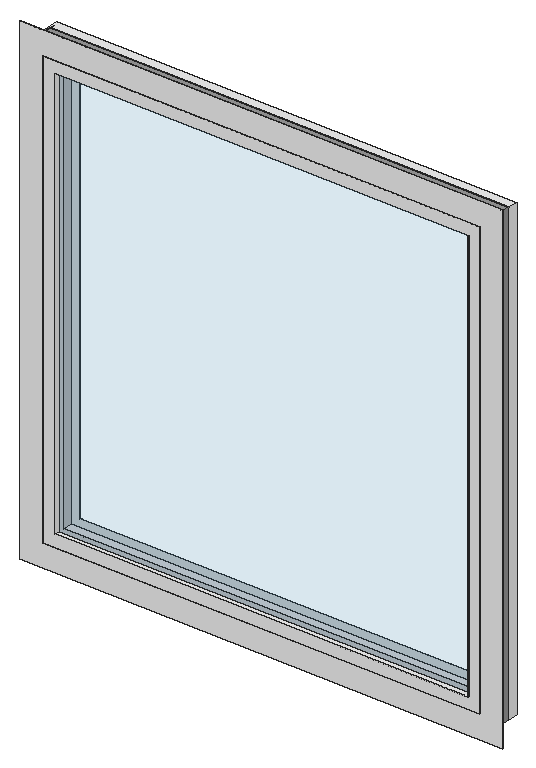
Revit family "Edge_TB42_D_Top_Hung_Standard", category Windows, host Wall, Revit 2014
Parameters (values of type "Casement_Sash_DG")
  Width Sash [instance] = 30 mm
  Width Sash Inner = 15 mm
  Width Bead = 15 mm
  Top Hung [instance] = yes
  Thermal Break Material = Rubber, Black
  Thermal Break Length = 16 mm
  Side Hung Right [instance] = yes
  Side Hung Left [instance] = yes
  Sash Opening Width [instance] = 600 mm
  Sash Opening Height [instance] = 600 mm
  Sash Lip = 15 mm
  Sash Leg [instance] = (Depth Sash - Thermal Break Length) / 2  # 13 mm
  SG Bead Leg = 6.683 mm
  Glazing Material [instance] = Glass
  Glazing Offset = 5 mm
  DG Start Piece 2 [instance] = DG End Piece 1 + DG Gasket Thickness  # 24.158 mm
  DG Start Peice 1 [instance] = ((Depth Sash - (2 * DG Glazing Thickness) - DG Gasket Thickness) / 2) - (SG Bead Leg - Aluminium Thickness) / 2  # 5.758 mm
  DG Glazing Thickness [instance] = 6.4 mm
  DG Gasket Thickness = 12 mm  # constant formula
  DG Gasket Material [instance] = none
  Depth Sash [instance] = 42 mm
  DG End Piece 2 [instance] = DG Start Piece 2 + DG Glazing Thickness  # 30.558 mm
  DG End Piece 1 [instance] = DG Start Peice 1 + DG Glazing Thickness  # 12.158 mm
  Center Vertical Sash [instance] = Sash Opening Height / 2  # 300 mm
  Center Horizontal Sash [instance] = Sash Opening Width / 2  # 300 mm
  Bottom Hung [instance] = yes
  Bead Offset = 15 mm
  Aluminium Thickness = 1 mm
  Aluminium Material [instance] = White Powder Coated Aluminium
Reference planes
  plane 1 "Center (Front/Back)": y = 0
  plane 2: z = 0
  plane 3 "Center (Left/Right)": x = 0
Forms (mm)
  Sweep 1, solid, material "White Powder Coated Aluminium" <- "Aluminium Material"
    path origin (16.177, 0, 121.331) x (1, 0, 0) y (0, 0, 1)
      loop
        line (0, 0) -> (600, 0) -> (600, 600) -> (0, 600) -> (0, 0)
    profile origin (316.177, 0, 121.331) x (0, 0, 1) y (0, -1, 0)
      loop
        line (0, 0) -> (30, 0) -> (30, 1) -> (15, 1) -> (15, 13) -> (14, 13) -> (14, 1) -> (1, 1) -> (1, 13) -> (0, 13) -> (0, 0)
      loop
        line (15, 42) -> (-15, 42) -> (-15, 41) -> (0, 41) -> (0, 29) -> (1, 29) -> (1, 41) -> (14, 41) -> (14, 29) -> (15, 29) -> (15, 42)
  Sweep 2, solid, material "White Powder Coated Aluminium" <- "Aluminium Material"
    path origin (0, 0, 0) x (1, 0, 0) y (0, 0, 1)
      loop
        line (31.177, 706.331) -> (31.177, 136.331) -> (601.177, 136.331) -> (601.177, 706.331) -> (31.177, 706.331)
    profile origin (316.177, 0, 706.331) x (0, 0, 1) y (0, -1, 0)
      loop
        line (0, 41) -> (0, 42) -> (-15, 42) -> (-15, 35.317) -> (-14, 35.317) -> (-14, 41) -> (0, 41)
  Extrusion 3, solid, material "Glass" <- "Glazing Material"
    sketch origin (0, 0, 0) x (1, 0, 0) y (0, 0, 1)
      loop
        line (36.177, 701.331) -> (36.177, 141.331) -> (596.177, 141.331) -> (596.177, 701.331) -> (36.177, 701.331)
    from 5.758 <- "DG Start Peice 1" to 12.158 <- "DG End Piece 1"
  Extrusion 4, solid, material "Glass" <- "Glazing Material"
    sketch origin (0, 0, 0) x (1, 0, 0) y (0, 0, 1)
      loop
        line (36.177, 701.331) -> (36.177, 141.331) -> (596.177, 141.331) -> (596.177, 701.331) -> (36.177, 701.331)
    from 30.558 <- "DG End Piece 2" to 24.158 <- "DG Start Piece 2"
  Sweep 5, solid, material <- "DG Gasket Material"
    path origin (0, -12.158, 0) x (1, 0, 0) y (0, 0, 1)
      loop
        line (36.177, 701.331) -> (36.177, 141.331) -> (596.177, 141.331) -> (596.177, 701.331) -> (36.177, 701.331)
    profile origin (316.177, -12.158, 701.331) x (0, 0, 1) y (0, -1, 0)
      loop
        line (0, 0) -> (0, 12) -> (-7.96, 12) -> (-7.96, 0) -> (0, 0)
  Sweep 6, solid, material "Rubber, Black" <- "Thermal Break Material"
    path origin (16.177, -13, 121.331) x (1, 0, 0) y (0, 0, 1)
      loop
        line (-15, 615) -> (-15, -15) -> (615, -15) -> (615, 615) -> (-15, 615)
    profile origin (316.177, -13, 736.331) x (0, 0, 1) y (0, -1, 0)
      loop
        line (-15, 16) -> (-16, 16) -> (-16, 0) -> (-15, 0) -> (-15, 16)
      loop
        line (-29, 16) -> (-30, 16) -> (-30, 0) -> (-29, 0) -> (-29, 16)
Lines and regions (mm)
  model lines
    curve 1: line (1.177, -42, 736.331) -> (31.177, -42, 706.331)
    curve 2: line (601.177, -42, 706.331) -> (631.177, -42, 736.331)
    curve 3: line (601.177, -42, 136.331) -> (631.177, -42, 106.331)
    curve 4: line (1.177, -42, 106.331) -> (31.177, -42, 136.331)
    curve 5: line (631.177, -41, 736.331) -> (616.177, -41, 721.331)
    curve 6: line (1.177, -41, 736.331) -> (16.177, -41, 721.331)
    curve 7: line (1.177, -41, 106.331) -> (16.177, -41, 121.331)
    curve 8: line (631.177, -41, 106.331) -> (616.177, -41, 121.331)
    curve 9: line (616.177, 0, 121.331) -> (586.177, 0, 151.331)
    curve 10: line (46.177, 0, 151.331) -> (16.177, 0, 121.331)
    curve 11: line (616.177, 0, 721.331) -> (586.177, 0, 691.331)
    curve 12: line (46.177, 0, 691.331) -> (16.177, 0, 721.331)
    curve 13: line (31.177, -42, 691.331) -> (46.177, -42, 691.331)
    curve 14: line (586.177, -42, 691.331) -> (601.177, -42, 691.331)
    curve 15: line (586.177, -42, 151.331) -> (601.177, -42, 151.331)
    curve 16: line (31.177, -42, 151.331) -> (46.177, -42, 151.331)
  model lines, style "GenericModelHiddenLines", visible <- "Top Hung"
    curve 17: line (46.386, -30.558, 690.602) -> (316.177, -30.558, 151.331)
    curve 18: line (316.177, -30.558, 151.331) -> (586.177, -30.558, 691.018)
  model lines, style "GenericModelHiddenLines", visible <- "Bottom Hung"
    curve 19: line (46.177, -30.558, 151.331) -> (316.177, -30.558, 691.018)
    curve 20: line (316.177, -30.558, 691.018) -> (586.177, -30.558, 151.331)
  model lines, style "GenericModelHiddenLines", visible <- "Side Hung Left"
    curve 21: line (46.386, -30.558, 690.602) -> (585.24, -30.558, 421.331)
    curve 22: line (585.24, -30.558, 421.331) -> (46.177, -30.558, 151.331)
  model lines, style "GenericModelHiddenLines", visible <- "Side Hung Right"
    curve 23: line (586.177, -30.558, 691.018) -> (46.177, -30.558, 421.331)
    curve 24: line (46.177, -30.558, 421.331) -> (586.177, -30.558, 151.331)
Dimensions and locks
  "Aluminium Thickness": Sweep 1 sketch curve to Sweep 1 sketch curve  (x6)
  "Depth Sash": Sweep 1 sketch curve to Sweep 1 sketch curve
  "Sash Opening Width": Sweep 1 to Sweep 1
  "Sash Opening Height": Sweep 1 to Sweep 1
  "Width Sash": Sweep 1 sketch curve to Sweep 1 sketch curve  (x2)
  "Width Sash Inner": Sweep 1 sketch curve to Sweep 1 sketch curve
  "Sash Lip": Sweep 1 sketch curve to Sweep 1 sketch curve
  "Glazing Offset": Sweep 2 to Extrusion 3 sketch curve  (x3)
  "Glazing Offset": Extrusion 3 sketch curve to Sweep 2
  Sweep 1 to Sweep 1 = 1 mm
  "Width Bead": Sweep 2 sketch curve to Sweep 2 sketch curve
  locked: Sweep 5 sketch curve to Sweep 5 sketch curve at 7.96
  "Center Horizontal Sash": Sweep 1 to curve 18
  "Center Horizontal Sash": Sweep 1 to curve 20
  "Center Vertical Sash": Sweep 1 to curve 22
  "Center Vertical Sash": Sweep 1 to curve 24
  "Sash Leg": Sweep 1 sketch curve to Sweep 1 sketch curve
  "Aluminium Thickness": Sweep 2 sketch curve to Sweep 2 sketch curve  (x2)
  "SG Bead Leg": Sweep 2 sketch curve to Sweep 2 sketch curve
  aligned and locked: level to plane 2
  aligned and locked: Sweep 1 sketch curve to Sweep 1 sketch curve  (x3)
  aligned and locked: Sweep 2 sketch curve to Sweep 1  (x4)
  aligned and locked: Sweep 1 to Sweep 2 sketch curve  (x2)
  aligned and locked: Extrusion 4 sketch curve to Extrusion 3  (x4)
  aligned and locked: Sweep 5 sketch curve to Extrusion 3  (x5)
  aligned and locked: Extrusion 3 to Sweep 5 sketch curve
  aligned and locked: Sweep 6 sketch curve to Sweep 1  (x10)
  aligned and locked: Sweep 1 to Sweep 6 sketch curve  (x2)
Automatic sketch dimensions
  plane 3 "Center (Left/Right)" to Sweep 1 sketch curve = 16.177 mm
  level to Sweep 1 sketch curve = 121.331 mm
  plane 3 "Center (Left/Right)" to Sweep 1 sketch curve = 616.177 mm
  level to Sweep 1 sketch curve = 721.331 mm
  profile plane to Sweep 5 sketch curve = 12 mm
  curve 7 to Sweep 1 = 0 mm  (x4)
  curve 6 to Sweep 1 = 0 mm  (x3)
  Sweep 1 to curve 6 = 0 mm
  curve 5 to Sweep 1 = 0 mm  (x3)
  curve 8 to Sweep 1 = 0 mm  (x4)
  Sweep 1 to curve 5 = 0 mm
  curve 16 to Sweep 2 = 0 mm  (x3)
  curve 13 to Sweep 2 = 0 mm  (x3)
  curve 15 to Sweep 2 = 0 mm
  Sweep 2 to curve 15 = 0 mm  (x2)
  curve 14 to Sweep 2 = 0 mm  (x2)
  Sweep 2 to curve 14 = 0 mm
  curve 1 to Sweep 1 = 0 mm  (x4)
  curve 4 to Sweep 1 = 0 mm  (x4)
  curve 2 to Sweep 1 = 0 mm  (x4)
  curve 3 to Sweep 1 = 0 mm  (x2)
  Sweep 1 to curve 3 = 0 mm  (x2)
  curve 10 to Sweep 1 = 0 mm  (x4)
  curve 12 to Sweep 1 = 0 mm  (x2)
  Sweep 1 to curve 12 = 0 mm  (x2)
  curve 11 to Sweep 1 = 0 mm  (x4)
  curve 9 to Sweep 1 = 0 mm  (x4)
  profile plane to Sweep 1 sketch curve = 0 mm  (x2)
  Sweep 1 sketch curve to plane 1 "Center (Front/Back)" = 0 mm
  Sweep 1 sketch curve to Sweep 1 sketch curve = 13 mm
  Sweep 1 sketch curve to Sweep 1 sketch curve = 12 mm  (x2)
  curve 21 to Extrusion 4 = 10.208 mm
  curve 19 to Extrusion 4 = 10 mm
  curve 23 to Extrusion 4 = 10 mm  (x2)
  curve 22 to Extrusion 4 = 10.937 mm
  curve 20 to Extrusion 4 = 10 mm
  curve 24 to Extrusion 4 = 10 mm
  curve 22 to Extrusion 4 = 10 mm
  curve 18 to Extrusion 4 = 10 mm
  curve 21 to Extrusion 4 = 10.729 mm
  curve 19 to Extrusion 4 = 10.312 mm
  curve 18 to Extrusion 4 = 10.312 mm
Types in the file's own list only (12): name | Windload Design | Width Sash Opening | Width Sash | Width Profile | Width Panel 3 | Width Panel 1 | Width | URL | Offset Window Exterior | Max System DG Unit Thickness | Max System DG One Piece Thickness | Max Pane Area | Limit Fixed Pane Height Min | Limit Fixed Pane Height Max | Intruderprufe U Value | Intruderprufe SHGC Value | Intruderprufe LowE U Value | Intruderprufe LowE SHGC Value | Intruderprufe Insulated U Value | Intruderprufe Insulated SHGC Value | Intruderprufe Insulated LowE U Value | Intruderprufe Insulated LowE SHGC Value | Height | Energy Advantage U Value | Energy Advantage SHGC Value | DG Thickness Calc | Custom Window Width | Custom Window Height | Window Exterior Offset | Custom Windload | User Sash Width | Custom Sash Height | Sash Spacing Inner | Sash Overlap | Sash Center Offset | SG Gasket Thickness | Offset Sash Left | Offset Sash Top | Offset Panel 3 Bead Top | Offset Transom Top | Offset Bead SG Center Reversed | Model | Manufacturer | Limit Window Width Min | Limit Window Width Max | Limit Window Height Min | Limit Window Height Max | Limit Sash Width Min | Limit Sash Width Max | Limit Sash Height Min | Limit Sash Height Max | Length Transom | Height Sash Opening | Height Sash | Height Panel 3 | Height Panel 1 | Description | Frame Center Offset | Depth Bead | Default Sill Height | Wall Closure | DG Gasket Finish | DG Extrusion Start | Clearvue U Value | Clearvue SHGC Value | Clearvue Insulated U Value | Clearvue Insulated SHGC Value | Clearvue Insulated LowE U Value | Clearvue Insulated LowE SHGC Value | Casement Dimension | Bottom Hung | Bead SG Gap | Area Pane Top | Area Pane Bottom
  EDGE-0609T-1000Pa | 1000 mm | 544 mm | 514 mm | 30 mm | 530 mm | 530 mm | 590 mm | "http://www.crealco.co.za/crealco-products.php" | 21 mm | 25 mm | 6 mm | 0.23 m² | 200 mm | 1800 mm | 5.08 | 0.436 | 4.07 | 0.394 | 3.16 | 0.393 | 2.77 | 0.356 | 890 mm | 4.06 | 0.421 | 4 mm | 590 mm | 890 mm | 0 mm | 1000 mm | 544 mm | 554 mm | 8 mm | 7 mm | 18 mm | 6 mm | 23 mm | 23 mm | 600 mm | 570 mm | 21 mm | "Edge" | "Crealco" | 346 mm | 1546 mm | 830 mm | 2430 mm | 300 mm | 1500 mm | 300 mm | 1200 mm | 530 mm | 554 mm | 524 mm | 260 mm | 540 mm | "Thermal break casement windows (42mm), Type D top hung" | 21 mm | 28 mm | 800 mm | By host | Double Glazing Gasket Material | 11 mm | 5.17 | 0.47 | 3.2 | 0.43 | 2.82 | 0.392 | 42 mm | No | 13 mm | 0.23 m² | 0.13 m²
  EDGE-0909T-1000Pa | 1000 mm | 844 mm | 814 mm | 30 mm | 830 mm | 830 mm | 890 mm | "http://www.crealco.co.za/crealco-products.php" | 21 mm | 25 mm | 6 mm | 0.37 m² | 200 mm | 1800 mm | 5.17 | 0.485 | 4.02 | 0.436 | 3.1 | 0.433 | 2.66 | 0.391 | 890 mm | 4.02 | 0.467 | 4 mm | 890 mm | 890 mm | 0 mm | 1000 mm | 844 mm | 554 mm | 8 mm | 7 mm | 18 mm | 6 mm | 23 mm | 23 mm | 600 mm | 570 mm | 21 mm | "Edge" | "Crealco" | 346 mm | 1546 mm | 830 mm | 2430 mm | 300 mm | 1500 mm | 300 mm | 1200 mm | 830 mm | 554 mm | 524 mm | 260 mm | 540 mm | "Thermal break casement windows (42mm), Type D top hung" | 21 mm | 28 mm | 800 mm | By host | Double Glazing Gasket Material | 11 mm | 5.27 | 0.521 | 3.14 | 0.473 | 2.7 | 0.431 | 42 mm | No | 13 mm | 0.37 m² | 0.21 m²
  EDGE-0612T-1000Pa | 1000 mm | 544 mm | 514 mm | 30 mm | 530 mm | 530 mm | 590 mm | "http://www.crealco.co.za/crealco-products.php" | 21 mm | 25 mm | 6 mm | 0.29 m² | 200 mm | 1800 mm | 5.2 | 0.494 | 4.01 | 0.444 | 3.09 | 0.442 | 2.63 | 0.4 | 1190 mm | 4.02 | 0.475 | 4 mm | 590 mm | 1190 mm | 0 mm | 1000 mm | 544 mm | 554 mm | 8 mm | 7 mm | 18 mm | 6 mm | 23 mm | 23 mm | 600 mm | 570 mm | 21 mm | "Edge" | "Crealco" | 346 mm | 1546 mm | 830 mm | 2430 mm | 300 mm | 1500 mm | 300 mm | 1200 mm | 530 mm | 554 mm | 524 mm | 560 mm | 540 mm | "Thermal break casement windows (42mm), Type D top hung" | 21 mm | 28 mm | 800 mm | By host | Double Glazing Gasket Material | 11 mm | 5.3 | 0.53 | 3.13 | 0.483 | 2.68 | 0.439 | 42 mm | No | 13 mm | 0.23 m² | 0.29 m²
  EDGE-0912T-1000Pa | 1000 mm | 844 mm | 814 mm | 30 mm | 830 mm | 830 mm | 890 mm | "http://www.crealco.co.za/crealco-products.php" | 21 mm | 25 mm | 6 mm | 0.45 m² | 200 mm | 1800 mm | 5.29 | 0.542 | 3.96 | 0.485 | 3.02 | 0.481 | 2.52 | 0.435 | 1190 mm | 3.97 | 0.52 | 4 mm | 890 mm | 1190 mm | 0 mm | 1000 mm | 844 mm | 554 mm | 8 mm | 7 mm | 18 mm | 6 mm | 23 mm | 23 mm | 600 mm | 570 mm | 21 mm | "Edge" | "Crealco" | 346 mm | 1546 mm | 830 mm | 2430 mm | 300 mm | 1500 mm | 300 mm | 1200 mm | 830 mm | 554 mm | 524 mm | 560 mm | 540 mm | "Thermal break casement windows (42mm), Type D top hung" | 21 mm | 28 mm | 800 mm | By host | Double Glazing Gasket Material | 11 mm | 5.39 | 0.581 | 3.07 | 0.524 | 2.56 | 0.477 | 42 mm | No | 13 mm | 0.37 m² | 0.45 m²
  EDGE-0609T-1500Pa | 1500 mm | 544 mm | 514 mm | 30 mm | 530 mm | 530 mm | 590 mm | "http://www.crealco.co.za/crealco-products.php" | 21 mm | 25 mm | 6 mm | 0.23 m² | 200 mm | 1800 mm | 5.08 | 0.436 | 4.07 | 0.394 | 3.16 | 0.393 | 2.77 | 0.356 | 890 mm | 4.06 | 0.421 | 4 mm | 590 mm | 890 mm | 0 mm | 1500 mm | 544 mm | 554 mm | 8 mm | 7 mm | 18 mm | 6 mm | 23 mm | 23 mm | 600 mm | 570 mm | 21 mm | "Edge" | "Crealco" | 346 mm | 1546 mm | 830 mm | 2430 mm | 300 mm | 1500 mm | 300 mm | 1200 mm | 530 mm | 554 mm | 524 mm | 260 mm | 540 mm | "Thermal break casement windows (42mm), Type D top hung" | 21 mm | 28 mm | 800 mm | By host | Double Glazing Gasket Material | 11 mm | 5.17 | 0.47 | 3.2 | 0.43 | 2.82 | 0.392 | 42 mm | No | 13 mm | 0.23 m² | 0.13 m²
  EDGE-0609T-2000Pa | 2000 mm | 544 mm | 514 mm | 30 mm | 530 mm | 530 mm | 590 mm | "http://www.crealco.co.za/crealco-products.php" | 21 mm | 25 mm | 6 mm | 0.23 m² | 200 mm | 1800 mm | 5.08 | 0.436 | 4.07 | 0.394 | 3.16 | 0.393 | 2.77 | 0.356 | 890 mm | 4.06 | 0.421 | 4 mm | 590 mm | 890 mm | 0 mm | 2000 mm | 544 mm | 554 mm | 8 mm | 7 mm | 18 mm | 6 mm | 23 mm | 23 mm | 600 mm | 570 mm | 21 mm | "Edge" | "Crealco" | 346 mm | 1546 mm | 830 mm | 2430 mm | 300 mm | 1500 mm | 300 mm | 1200 mm | 530 mm | 554 mm | 524 mm | 260 mm | 540 mm | "Thermal break casement windows (42mm), Type D top hung" | 21 mm | 28 mm | 800 mm | By host | Double Glazing Gasket Material | 11 mm | 5.17 | 0.47 | 3.2 | 0.43 | 2.82 | 0.392 | 42 mm | No | 13 mm | 0.23 m² | 0.13 m²
  EDGE-0909T-1500Pa | 1500 mm | 844 mm | 814 mm | 30 mm | 830 mm | 830 mm | 890 mm | "http://www.crealco.co.za/crealco-products.php" | 21 mm | 25 mm | 6 mm | 0.37 m² | 200 mm | 1800 mm | 5.17 | 0.485 | 4.02 | 0.436 | 3.1 | 0.433 | 2.66 | 0.391 | 890 mm | 4.02 | 0.467 | 4 mm | 890 mm | 890 mm | 0 mm | 1500 mm | 844 mm | 554 mm | 8 mm | 7 mm | 18 mm | 6 mm | 23 mm | 23 mm | 600 mm | 570 mm | 21 mm | "Edge" | "Crealco" | 346 mm | 1546 mm | 830 mm | 2430 mm | 300 mm | 1500 mm | 300 mm | 1200 mm | 830 mm | 554 mm | 524 mm | 260 mm | 540 mm | "Thermal break casement windows (42mm), Type D top hung" | 21 mm | 28 mm | 800 mm | By host | Double Glazing Gasket Material | 11 mm | 5.27 | 0.521 | 3.14 | 0.473 | 2.7 | 0.431 | 42 mm | No | 13 mm | 0.37 m² | 0.21 m²
  EDGE-0909T-2000Pa | 2000 mm | 844 mm | 814 mm | 30 mm | 830 mm | 830 mm | 890 mm | "http://www.crealco.co.za/crealco-products.php" | 21 mm | 25 mm | 6 mm | 0.37 m² | 200 mm | 1800 mm | 5.17 | 0.485 | 4.02 | 0.436 | 3.1 | 0.433 | 2.66 | 0.391 | 890 mm | 4.02 | 0.467 | 4 mm | 890 mm | 890 mm | 0 mm | 2000 mm | 844 mm | 554 mm | 8 mm | 7 mm | 18 mm | 6 mm | 23 mm | 23 mm | 600 mm | 570 mm | 21 mm | "Edge" | "Crealco" | 346 mm | 1546 mm | 830 mm | 2430 mm | 300 mm | 1500 mm | 300 mm | 1200 mm | 830 mm | 554 mm | 524 mm | 260 mm | 540 mm | "Thermal break casement windows (42mm), Type D top hung" | 21 mm | 28 mm | 800 mm | By host | Double Glazing Gasket Material | 11 mm | 5.27 | 0.521 | 3.14 | 0.473 | 2.7 | 0.431 | 42 mm | No | 13 mm | 0.37 m² | 0.21 m²
  EDGE-0612T-1500Pa | 1500 mm | 544 mm | 514 mm | 30 mm | 530 mm | 530 mm | 590 mm | "http://www.crealco.co.za/crealco-products.php" | 21 mm | 25 mm | 6 mm | 0.29 m² | 200 mm | 1800 mm | 5.2 | 0.494 | 4.01 | 0.444 | 3.09 | 0.442 | 2.63 | 0.4 | 1190 mm | 4.02 | 0.475 | 4 mm | 590 mm | 1190 mm | 0 mm | 1500 mm | 544 mm | 554 mm | 8 mm | 7 mm | 18 mm | 6 mm | 23 mm | 23 mm | 600 mm | 570 mm | 21 mm | "Edge" | "Crealco" | 346 mm | 1546 mm | 830 mm | 2430 mm | 300 mm | 1500 mm | 300 mm | 1200 mm | 530 mm | 554 mm | 524 mm | 560 mm | 540 mm | "Thermal break casement windows (42mm), Type D top hung" | 21 mm | 28 mm | 800 mm | By host | Double Glazing Gasket Material | 11 mm | 5.3 | 0.53 | 3.13 | 0.483 | 2.68 | 0.439 | 42 mm | No | 13 mm | 0.23 m² | 0.29 m²
  EDGE-0612T-2000Pa | 2000 mm | 544 mm | 514 mm | 30 mm | 530 mm | 530 mm | 590 mm | "http://www.crealco.co.za/crealco-products.php" | 21 mm | 25 mm | 6 mm | 0.29 m² | 200 mm | 1800 mm | 5.2 | 0.494 | 4.01 | 0.444 | 3.09 | 0.442 | 2.63 | 0.4 | 1190 mm | 4.02 | 0.475 | 4 mm | 590 mm | 1190 mm | 0 mm | 2000 mm | 544 mm | 554 mm | 8 mm | 7 mm | 18 mm | 6 mm | 23 mm | 23 mm | 600 mm | 570 mm | 21 mm | "Edge" | "Crealco" | 346 mm | 1546 mm | 830 mm | 2430 mm | 300 mm | 1500 mm | 300 mm | 1200 mm | 530 mm | 554 mm | 524 mm | 560 mm | 540 mm | "Thermal break casement windows (42mm), Type D top hung" | 21 mm | 28 mm | 800 mm | By host | Double Glazing Gasket Material | 11 mm | 5.3 | 0.53 | 3.13 | 0.483 | 2.68 | 0.439 | 42 mm | No | 13 mm | 0.23 m² | 0.29 m²
  EDGE-0912T-1500Pa | 1500 mm | 844 mm | 814 mm | 30 mm | 830 mm | 830 mm | 890 mm | "http://www.crealco.co.za/crealco-products.php" | 21 mm | 25 mm | 6 mm | 0.45 m² | 200 mm | 1800 mm | 5.29 | 0.542 | 3.96 | 0.485 | 3.02 | 0.481 | 2.52 | 0.435 | 1190 mm | 3.97 | 0.52 | 4 mm | 890 mm | 1190 mm | 0 mm | 1500 mm | 844 mm | 554 mm | 8 mm | 7 mm | 18 mm | 6 mm | 23 mm | 23 mm | 600 mm | 570 mm | 21 mm | "Edge" | "Crealco" | 346 mm | 1546 mm | 830 mm | 2430 mm | 300 mm | 1500 mm | 300 mm | 1200 mm | 830 mm | 554 mm | 524 mm | 560 mm | 540 mm | "Thermal break casement windows (42mm), Type D top hung" | 21 mm | 28 mm | 800 mm | By host | Double Glazing Gasket Material | 11 mm | 5.39 | 0.581 | 3.07 | 0.524 | 2.56 | 0.477 | 42 mm | No | 13 mm | 0.37 m² | 0.45 m²
  EDGE-0912T-2000Pa | 2000 mm | 844 mm | 814 mm | 30 mm | 830 mm | 830 mm | 890 mm | "http://www.crealco.co.za/crealco-products.php" | 21 mm | 25 mm | 6 mm | 0.45 m² | 200 mm | 1800 mm | 5.29 | 0.542 | 3.96 | 0.485 | 3.02 | 0.481 | 2.52 | 0.435 | 1190 mm | 3.97 | 0.52 | 4 mm | 890 mm | 1190 mm | 0 mm | 2000 mm | 844 mm | 554 mm | 8 mm | 7 mm | 18 mm | 6 mm | 23 mm | 23 mm | 600 mm | 570 mm | 21 mm | "Edge" | "Crealco" | 346 mm | 1546 mm | 830 mm | 2430 mm | 300 mm | 1500 mm | 300 mm | 1200 mm | 830 mm | 554 mm | 524 mm | 560 mm | 540 mm | "Thermal break casement windows (42mm), Type D top hung" | 21 mm | 28 mm | 800 mm | By host | Double Glazing Gasket Material | 11 mm | 5.39 | 0.581 | 3.07 | 0.524 | 2.56 | 0.477 | 42 mm | No | 13 mm | 0.37 m² | 0.45 m²
